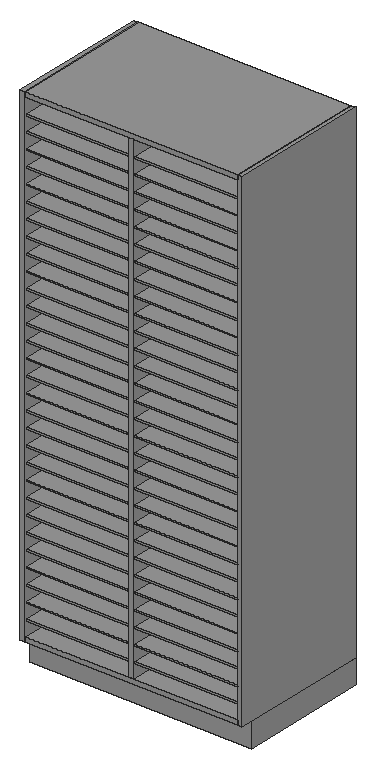
Revit family "TMI_T1810-Tall_Open_Folio1", category Casework, Revit 2016
Family settings
  OmniClass Number = 23.40.35.14.11
  OmniClass Title = Modular Casework
  Work Plane-Based = No
  Always vertical = Yes
  Cut with Voids When Loaded = No
  Shared = No
  Room Calculation Point = No
Parameters (values of type "36" x 84" x 23"")
  Verticle Partition [instance] = Width > 11"  # yes
  URL = "www.tmisystems.com"
  Toe Kick Height = 4"
  Toe Kick Depth = 2"
  Shelf Thickness = 3/4"
  Model = "T1810"
  Manufacturer = "TMI Systems Corporation"
  Interior Finish = none
  Filler Width (Left) [instance] = 3"
  Filler Right [instance] = no
  Filler Left [instance] = no
  Filler Width (Right) [instance] = 3"
  Description = "Tall, Open, Folio Storage"
  Depth = 23"
  Height = 84"
  Width = 36"
  Casework Thickness = 3/4"
  Casework Back Thickness = 1/4"
  Cabinet Finish = Plastic Laminate
  Assembly Code = ""
Types (6): name | Width
  24" x 84" x 23" | 24"
  21" x 84" x 23" | 21"
  27" x 84" x 23" | 27"
  30" x 84" x 23" | 30"
  33" x 84" x 23" | 33"
  36" x 84" x 23" | 36"
Reference planes (in)
  plane 1 "Back": y = -1
  plane 2: z = 0
  plane 3 "Center (Left/Right)": x = 0.7377
  plane 4 "Left": x = -17.2623
  plane 5 "Right": x = 18.7377
  plane 6 "Front": y = -24
  plane 7 "Top": z = 84
  plane 8: y = -2
  plane 9: x = -16.5123
  plane 10: x = 17.9877
  plane 11: z = 83.25
  plane 12: y = -1.75
  plane 13: y = -22
  plane 14: z = 4
  plane 15: z = 4.75
  plane 16: z = 79.25
  plane 17: x = 0.3627
  plane 18: x = 1.1127
  plane 19: y = -23.875
  plane 20: z = 8.75
  plane 21: y = -21.25
  plane 22: y = -23.25
Forms (in)
  Extrusion 1, solid, material "Plastic Laminate" <- "Cabinet Finish"
    sketch origin (0, 0.21844, 0) x (1, 0, 0) y (0, 1, 0)
      loop
        line (-17.2623, -1.21844) -> (-17.2623, -24.21844) -> (-16.5123, -24.21844) -> (-16.5123, -1.21844) -> (-17.2623, -1.21844)
      loop
        line (17.9877, -1.21844) -> (17.9877, -24.21844) -> (18.7377, -24.21844) -> (18.7377, -1.21844) -> (17.9877, -1.21844)
    from 4 to 84
  Extrusion 2, solid, material "Plastic Laminate" <- "Cabinet Finish"
    sketch origin (0.05747, 11.94613, 0) x (1, 0, 0) y (0, 0, 1)
      loop
        line (-16.56976, 4.75) -> (-16.56976, 4) -> (17.93024, 4) -> (17.93024, 4.75) -> (-16.56976, 4.75)
      loop
        line (-16.56976, 84) -> (-16.56976, 83.25) -> (17.93024, 83.25) -> (17.93024, 84) -> (-16.56976, 84)
    from 12.94613 to 35.94613
  Extrusion 3, solid, material "Plastic Laminate" <- "Cabinet Finish"
    sketch origin (0, 0, 0) x (1, 0, 0) y (0, 1, 0)
      loop
        line (-16.5123, -1.75) -> (-16.5123, -2) -> (17.9877, -2) -> (17.9877, -1.75) -> (-16.5123, -1.75)
    from 83.63348 to 4.36517
  Extrusion 4, solid, material "Plastic Laminate" <- "Cabinet Finish", visible <- "Filler Right"
    sketch origin (0, -24, 0) x (1, 0, 0) y (0, 0, 1)
      loop
        line (18.7377, 84) -> (18.7377, 4) -> (21.7377, 4) -> (21.7377, 84) -> (18.7377, 84)
    from -0.75 to 0
  Extrusion 5, solid, material "Plastic Laminate" <- "Cabinet Finish", visible <- "Filler Left"
    sketch origin (0, -24, 0) x (1, 0, 0) y (0, 0, 1)
      loop
        line (-20.2623, 84) -> (-20.2623, 4) -> (-17.2623, 4) -> (-17.2623, 84) -> (-20.2623, 84)
    from -0.75 to 0
  Extrusion 6, solid, material "Wood"
    sketch origin (-17.2623, 0, 0) x (0, -1, 0) y (0, 0, 1)
      loop
        line (1, 83.25) -> (1, 79.25) -> (1.75, 79.25) -> (1.75, 83.25) -> (1, 83.25)
      loop
        line (1, 8.75) -> (1, 4.75) -> (1.75, 4.75) -> (1.75, 8.75) -> (1, 8.75)
    from -35.25 to -0.75
  Extrusion 7, solid, material "Wood"
    sketch origin (0, 0, 0) x (1, 0, 0) y (0, 0, 1)
      loop
        line (18.7377, 4) -> (-17.2623, 4) -> (-17.2623, 0) -> (18.7377, 0) -> (18.7377, 4)
    from 1 to 22
  Extrusion 8, solid, material "Wood", visible <- "Filler Right"
    sketch origin (0, 0, 0) x (1, 0, 0) y (0, 0, 1)
      loop
        line (21.7377, 4) -> (18.7377, 4) -> (18.7377, 0) -> (21.7377, 0) -> (21.7377, 4)
    from 21.25 to 22
  Extrusion 9, solid, material "Wood", visible <- "Filler Left"
    sketch origin (0, 0, 0) x (1, 0, 0) y (0, 0, 1)
      loop
        line (-17.2623, 4) -> (-20.2623, 4) -> (-20.2623, 0) -> (-17.2623, 0) -> (-17.2623, 4)
    from 21.25 to 22
  Extrusion 10, solid, material "Plastic Laminate" <- "Cabinet Finish", visible <- "Verticle Partition"
    sketch origin (0, -24, 0) x (1, 0, 0) y (0, 0, 1)
      loop
        line (0.3627, 83.25) -> (0.3627, 4.75) -> (1.1127, 4.75) -> (1.1127, 83.25) -> (0.3627, 83.25)
    from -22 to 0
  Extrusion 11, solid, material "Plastic Laminate" <- "Cabinet Finish"
    sketch origin (0, -24, 0) x (1, 0, 0) y (0, 0, 1)
      loop
        line (-16.5123, 80.71774) -> (-16.5123, 80.46774) -> (17.9877, 80.46774) -> (17.9877, 80.71774) -> (-16.5123, 80.71774)
      loop
        line (-16.5123, 78.18548) -> (-16.5123, 77.93548) -> (17.9877, 77.93548) -> (17.9877, 78.18548) -> (-16.5123, 78.18548)
      loop
        line (-16.5123, 75.65323) -> (-16.5123, 75.40323) -> (17.9877, 75.40323) -> (17.9877, 75.65323) -> (-16.5123, 75.65323)
      loop
        line (-16.5123, 73.12097) -> (-16.5123, 72.87097) -> (17.9877, 72.87097) -> (17.9877, 73.12097) -> (-16.5123, 73.12097)
      loop
        line (-16.5123, 70.58871) -> (-16.5123, 70.33871) -> (17.9877, 70.33871) -> (17.9877, 70.58871) -> (-16.5123, 70.58871)
      loop
        line (-16.5123, 68.05645) -> (-16.5123, 67.80645) -> (17.9877, 67.80645) -> (17.9877, 68.05645) -> (-16.5123, 68.05645)
      loop
        line (-16.5123, 65.52419) -> (-16.5123, 65.27419) -> (17.9877, 65.27419) -> (17.9877, 65.52419) -> (-16.5123, 65.52419)
      loop
        line (-16.5123, 62.99194) -> (-16.5123, 62.74194) -> (17.9877, 62.74194) -> (17.9877, 62.99194) -> (-16.5123, 62.99194)
      loop
        line (-16.5123, 60.45968) -> (-16.5123, 60.20968) -> (17.9877, 60.20968) -> (17.9877, 60.45968) -> (-16.5123, 60.45968)
      loop
        line (-16.5123, 57.92742) -> (-16.5123, 57.67742) -> (17.9877, 57.67742) -> (17.9877, 57.92742) -> (-16.5123, 57.92742)
      loop
        line (-16.5123, 55.39516) -> (-16.5123, 55.14516) -> (17.9877, 55.14516) -> (17.9877, 55.39516) -> (-16.5123, 55.39516)
      loop
        line (-16.5123, 52.8629) -> (-16.5123, 52.6129) -> (17.9877, 52.6129) -> (17.9877, 52.8629) -> (-16.5123, 52.8629)
      loop
        line (-16.5123, 50.33065) -> (-16.5123, 50.08065) -> (17.9877, 50.08065) -> (17.9877, 50.33065) -> (-16.5123, 50.33065)
      loop
        line (-16.5123, 47.79839) -> (-16.5123, 47.54839) -> (17.9877, 47.54839) -> (17.9877, 47.79839) -> (-16.5123, 47.79839)
      loop
        line (-16.5123, 45.26613) -> (-16.5123, 45.01613) -> (17.9877, 45.01613) -> (17.9877, 45.26613) -> (-16.5123, 45.26613)
      loop
        line (-16.5123, 42.73387) -> (-16.5123, 42.48387) -> (17.9877, 42.48387) -> (17.9877, 42.73387) -> (-16.5123, 42.73387)
      loop
        line (-16.5123, 40.20161) -> (-16.5123, 39.95161) -> (17.9877, 39.95161) -> (17.9877, 40.20161) -> (-16.5123, 40.20161)
      loop
        line (-16.5123, 37.66935) -> (-16.5123, 37.41935) -> (17.9877, 37.41935) -> (17.9877, 37.66935) -> (-16.5123, 37.66935)
      loop
        line (-16.5123, 35.1371) -> (-16.5123, 34.8871) -> (17.9877, 34.8871) -> (17.9877, 35.1371) -> (-16.5123, 35.1371)
      loop
        line (-16.5123, 32.60484) -> (-16.5123, 32.35484) -> (17.9877, 32.35484) -> (17.9877, 32.60484) -> (-16.5123, 32.60484)
      loop
        line (-16.5123, 30.07258) -> (-16.5123, 29.82258) -> (17.9877, 29.82258) -> (17.9877, 30.07258) -> (-16.5123, 30.07258)
      loop
        line (-16.5123, 27.54032) -> (-16.5123, 27.29032) -> (17.9877, 27.29032) -> (17.9877, 27.54032) -> (-16.5123, 27.54032)
      loop
        line (-16.5123, 25.00806) -> (-16.5123, 24.75806) -> (17.9877, 24.75806) -> (17.9877, 25.00806) -> (-16.5123, 25.00806)
      loop
        line (-16.5123, 22.47581) -> (-16.5123, 22.22581) -> (17.9877, 22.22581) -> (17.9877, 22.47581) -> (-16.5123, 22.47581)
      loop
        line (-16.5123, 19.94355) -> (-16.5123, 19.69355) -> (17.9877, 19.69355) -> (17.9877, 19.94355) -> (-16.5123, 19.94355)
      loop
        line (-16.5123, 17.41129) -> (-16.5123, 17.16129) -> (17.9877, 17.16129) -> (17.9877, 17.41129) -> (-16.5123, 17.41129)
      loop
        line (-16.5123, 14.87903) -> (-16.5123, 14.62903) -> (17.9877, 14.62903) -> (17.9877, 14.87903) -> (-16.5123, 14.87903)
      loop
        line (-16.5123, 12.34677) -> (-16.5123, 12.09677) -> (17.9877, 12.09677) -> (17.9877, 12.34677) -> (-16.5123, 12.34677)
      loop
        line (-16.5123, 9.81452) -> (-16.5123, 9.56452) -> (17.9877, 9.56452) -> (17.9877, 9.81452) -> (-16.5123, 9.81452)
      loop
        line (-16.5123, 7.28226) -> (-16.5123, 7.03226) -> (17.9877, 7.03226) -> (17.9877, 7.28226) -> (-16.5123, 7.28226)
    from -22 to -0.125
Lines and regions (in)
  Masking region 1
    outline origin (0, 0, 0) x (1, 0, 0) y (0, 1, 0)
      loop
        line (-17.2623, -1) -> (-17.2623, -24) -> (18.7377, -24) -> (18.7377, -1) -> (-17.2623, -1)
  Masking region 2, visible <- "Filler Left"
    outline origin (0, 0, 0) x (1, 0, 0) y (0, 1, 0)
      loop
        line (-20.2623, -23.25) -> (-20.2623, -24) -> (-17.2623, -24) -> (-17.2623, -23.25) -> (-20.2623, -23.25)
  Masking region 3, visible <- "Filler Right"
    outline origin (0, 0, 0) x (1, 0, 0) y (0, 1, 0)
      loop
        line (18.7377, -23.25) -> (18.7377, -24) -> (21.7377, -24) -> (21.7377, -23.25) -> (18.7377, -23.25)
  symbolic lines, style "CaseworkHiddenLines"
    curve 1: line (0.8002, -24, 0) -> (0.6752, -24, 0)
    curve 2: line (0.6752, -24, 4) -> (0.8002, -24, 4)
    curve 13: line (-17.2623, -2, 80.71774) -> (-17.2623, -23.875, 80.71774)
    curve 14: line (-17.2623, -23.875, 80.71774) -> (-17.2623, -23.875, 80.46774)
    curve 15: line (-17.2623, -23.875, 80.46774) -> (-17.2623, -2, 80.46774)
    curve 16: line (-17.2623, -2, 78.18548) -> (-17.2623, -23.875, 78.18548)
    curve 17: line (-17.2623, -23.875, 78.18548) -> (-17.2623, -23.875, 77.93548)
    curve 18: line (-17.2623, -23.875, 77.93548) -> (-17.2623, -2, 77.93548)
    curve 19: line (-17.2623, -2, 75.65323) -> (-17.2623, -23.875, 75.65323)
    curve 20: line (-17.2623, -23.875, 75.65323) -> (-17.2623, -23.875, 75.40323)
    curve 21: line (-17.2623, -23.875, 75.40323) -> (-17.2623, -2, 75.40323)
    curve 22: line (-17.2623, -2, 73.12097) -> (-17.2623, -23.875, 73.12097)
    curve 23: line (-17.2623, -23.875, 73.12097) -> (-17.2623, -23.875, 72.87097)
    curve 24: line (-17.2623, -23.875, 72.87097) -> (-17.2623, -2, 72.87097)
    curve 25: line (-17.2623, -2, 70.58871) -> (-17.2623, -23.875, 70.58871)
    curve 26: line (-17.2623, -23.875, 70.58871) -> (-17.2623, -23.875, 70.33871)
    curve 27: line (-17.2623, -23.875, 70.33871) -> (-17.2623, -2, 70.33871)
    curve 28: line (-17.2623, -2, 68.05645) -> (-17.2623, -23.875, 68.05645)
    curve 29: line (-17.2623, -23.875, 68.05645) -> (-17.2623, -23.875, 67.80645)
    curve 30: line (-17.2623, -23.875, 67.80645) -> (-17.2623, -2, 67.80645)
    curve 31: line (-17.2623, -2, 65.52419) -> (-17.2623, -23.875, 65.52419)
    curve 32: line (-17.2623, -23.875, 65.52419) -> (-17.2623, -23.875, 65.27419)
    curve 33: line (-17.2623, -23.875, 65.27419) -> (-17.2623, -2, 65.27419)
    curve 34: line (-17.2623, -2, 62.99194) -> (-17.2623, -23.875, 62.99194)
    curve 35: line (-17.2623, -23.875, 62.99194) -> (-17.2623, -23.875, 62.74194)
    curve 36: line (-17.2623, -23.875, 62.74194) -> (-17.2623, -2, 62.74194)
    curve 37: line (-17.2623, -2, 60.45968) -> (-17.2623, -23.875, 60.45968)
    curve 38: line (-17.2623, -23.875, 60.45968) -> (-17.2623, -23.875, 60.20968)
    curve 39: line (-17.2623, -23.875, 60.20968) -> (-17.2623, -2, 60.20968)
    curve 40: line (-17.2623, -2, 57.92742) -> (-17.2623, -23.875, 57.92742)
    curve 41: line (-17.2623, -23.875, 57.92742) -> (-17.2623, -23.875, 57.67742)
    curve 42: line (-17.2623, -23.875, 57.67742) -> (-17.2623, -2, 57.67742)
    curve 43: line (-17.2623, -2, 55.39516) -> (-17.2623, -23.875, 55.39516)
    curve 44: line (-17.2623, -23.875, 55.39516) -> (-17.2623, -23.875, 55.14516)
    curve 45: line (-17.2623, -23.875, 55.14516) -> (-17.2623, -2, 55.14516)
    curve 46: line (-17.2623, -2, 52.8629) -> (-17.2623, -23.875, 52.8629)
    curve 47: line (-17.2623, -23.875, 52.8629) -> (-17.2623, -23.875, 52.6129)
    curve 48: line (-17.2623, -23.875, 52.6129) -> (-17.2623, -2, 52.6129)
    curve 49: line (-17.2623, -2, 50.33065) -> (-17.2623, -23.875, 50.33065)
    curve 50: line (-17.2623, -23.875, 50.33065) -> (-17.2623, -23.875, 50.08065)
    curve 51: line (-17.2623, -23.875, 50.08065) -> (-17.2623, -2, 50.08065)
    curve 52: line (-17.2623, -2, 47.79839) -> (-17.2623, -23.875, 47.79839)
    curve 53: line (-17.2623, -23.875, 47.79839) -> (-17.2623, -23.875, 47.54839)
    curve 54: line (-17.2623, -23.875, 47.54839) -> (-17.2623, -2, 47.54839)
    curve 55: line (-17.2623, -2, 45.26613) -> (-17.2623, -23.875, 45.26613)
    curve 56: line (-17.2623, -23.875, 45.26613) -> (-17.2623, -23.875, 45.01613)
    curve 57: line (-17.2623, -23.875, 45.01613) -> (-17.2623, -2, 45.01613)
    curve 58: line (-17.2623, -2, 42.73387) -> (-17.2623, -23.875, 42.73387)
    curve 59: line (-17.2623, -23.875, 42.73387) -> (-17.2623, -23.875, 42.48387)
    curve 60: line (-17.2623, -23.875, 42.48387) -> (-17.2623, -2, 42.48387)
    curve 61: line (-17.2623, -2, 40.20161) -> (-17.2623, -23.875, 40.20161)
    curve 62: line (-17.2623, -23.875, 40.20161) -> (-17.2623, -23.875, 39.95161)
    curve 63: line (-17.2623, -23.875, 39.95161) -> (-17.2623, -2, 39.95161)
    curve 64: line (-17.2623, -2, 37.66935) -> (-17.2623, -23.875, 37.66935)
    curve 65: line (-17.2623, -23.875, 37.66935) -> (-17.2623, -23.875, 37.41935)
    curve 66: line (-17.2623, -23.875, 37.41935) -> (-17.2623, -1.75, 37.41935)
    curve 67: line (-17.2623, -2, 35.1371) -> (-17.2623, -23.875, 35.1371)
    curve 68: line (-17.2623, -23.875, 35.1371) -> (-17.2623, -23.875, 34.8871)
    curve 69: line (-17.2623, -23.875, 34.8871) -> (-17.2623, -2, 34.8871)
    curve 70: line (-17.2623, -2, 32.60484) -> (-17.2623, -23.875, 32.60484)
    curve 71: line (-17.2623, -23.875, 32.60484) -> (-17.2623, -23.875, 32.35484)
    curve 72: line (-17.2623, -23.875, 32.35484) -> (-17.2623, -2, 32.35484)
    curve 73: line (-17.2623, -2, 30.07258) -> (-17.2623, -23.875, 30.07258)
    curve 74: line (-17.2623, -23.875, 30.07258) -> (-17.2623, -23.875, 29.82258)
    curve 75: line (-17.2623, -23.875, 29.82258) -> (-17.2623, -2, 29.82258)
    curve 76: line (-17.2623, -2, 27.54032) -> (-17.2623, -23.875, 27.54032)
    curve 77: line (-17.2623, -23.875, 27.54032) -> (-17.2623, -23.875, 27.29032)
    curve 78: line (-17.2623, -23.875, 27.29032) -> (-17.2623, -2, 27.29032)
    curve 79: line (-17.2623, -2, 25.00806) -> (-17.2623, -23.875, 25.00806)
    curve 80: line (-17.2623, -23.875, 25.00806) -> (-17.2623, -23.875, 24.75806)
    curve 81: line (-17.2623, -23.875, 24.75806) -> (-17.2623, -2, 24.75806)
    curve 82: line (-17.2623, -2, 22.47581) -> (-17.2623, -23.875, 22.47581)
    curve 83: line (-17.2623, -23.875, 22.47581) -> (-17.2623, -23.875, 22.22581)
    curve 84: line (-17.2623, -23.875, 22.22581) -> (-17.2623, -2, 22.22581)
    curve 85: line (-17.2623, -2, 19.94355) -> (-17.2623, -23.875, 19.94355)
    curve 86: line (-17.2623, -23.875, 19.94355) -> (-17.2623, -23.875, 19.69355)
    curve 87: line (-17.2623, -23.875, 19.69355) -> (-17.2623, -2, 19.69355)
    curve 88: line (-17.2623, -2, 17.41129) -> (-17.2623, -23.875, 17.41129)
    curve 89: line (-17.2623, -23.875, 17.41129) -> (-17.2623, -23.875, 17.16129)
    curve 90: line (-17.2623, -23.875, 17.16129) -> (-17.2623, -2, 17.16129)
    curve 91: line (-17.2623, -2, 14.87903) -> (-17.2623, -23.875, 14.87903)
    curve 92: line (-17.2623, -23.875, 14.87903) -> (-17.2623, -23.875, 14.62903)
    curve 93: line (-17.2623, -23.875, 14.62903) -> (-17.2623, -2, 14.62903)
    curve 94: line (-17.2623, -2, 12.34677) -> (-17.2623, -23.875, 12.34677)
    curve 95: line (-17.2623, -23.875, 12.34677) -> (-17.2623, -23.875, 12.09677)
    curve 96: line (-17.2623, -23.875, 12.09677) -> (-17.2623, -2, 12.09677)
    curve 97: line (-17.2623, -2, 9.81452) -> (-17.2623, -23.875, 9.81452)
    curve 98: line (-17.2623, -23.875, 9.81452) -> (-17.2623, -23.875, 9.56452)
    curve 99: line (-17.2623, -23.875, 9.56452) -> (-17.2623, -2, 9.56452)
    curve 100: line (-17.2623, -2, 7.28226) -> (-17.2623, -23.875, 7.28226)
    curve 101: line (-17.2623, -23.875, 7.28226) -> (-17.2623, -23.875, 7.03226)
    curve 102: line (-17.2623, -23.875, 7.03226) -> (-17.2623, -2, 7.03226)
  symbolic lines, style "Casework"
    curve 3: line (-17.2623, -1, 4.75) -> (-17.2623, -1.75, 4.75)
    curve 4: line (-17.2623, -1, 4) -> (-17.2623, -1, 4.75)
    curve 5: line (-17.2623, -24, 4) -> (-17.2623, -1, 4)
    curve 6: line (-17.2623, -24, 4.75) -> (-17.2623, -24, 4)
    curve 7: line (-17.2623, -1, 84) -> (-17.2623, -24, 84)
    curve 8: line (-17.2623, -1, 83.25) -> (-17.2623, -1, 84)
    curve 9: line (-17.2623, -24, 83.25) -> (-17.2623, -2, 83.25)
    curve 10: line (-17.2623, -24, 84) -> (-17.2623, -24, 83.25)
    curve 11: line (-17.2623, -1.75, 83.25) -> (-17.2623, -1, 83.25)
    curve 12: line (-17.2623, -2, 4.75) -> (-17.2623, -24, 4.75)
Dimensions and locks (in)
  "Width": plane 4 "Left" to plane 5 "Right"
  equal spacing: plane 4 "Left", plane 3 "Center (Left/Right)", plane 5 "Right"
  "Casework Thickness": plane 4 "Left" to plane 9
  "Casework Thickness": plane 10 to plane 5 "Right"
  "Casework Thickness": plane 7 "Top" to plane 11
  "Filler Width (Right)": plane 5 "Right" to Extrusion 4
  "Filler Width (Left)": Extrusion 5 to plane 4 "Left"
  "Depth": plane 6 "Front" to plane 1 "Back"
  "Casework Back Thickness": plane 12 to plane 8
  locked: plane 12 to plane 1 "Back" at 0.75
  "Toe Kick Depth": plane 13 to plane 6 "Front"
  "Toe Kick Height": plane 14 to level
  "Casework Thickness": plane 15 to plane 14
  "Height": plane 7 "Top" to level
  locked: plane 16 to plane 11 at 4
  locked: plane 15 to Extrusion 3 at 0.38483
  locked: plane 11 to Extrusion 3 at 0.38348
  "Casework Thickness": plane 17 to plane 18
  equal spacing: plane 18, plane 3 "Center (Left/Right)", plane 17
  locked: Extrusion 11 sketch curve to Extrusion 11 sketch curve at 0.25  (x30)
  equal spacing: plane 11, Extrusion 11 sketch curve, Extrusion 11 sketch curve, Extrusion 11 sketch curve, Extrusion 11 sketch curve, Extrusion 11 sketch curve, Extrusion 11 sketch curve, Extrusion 11 sketch curve, Extrusion 11 sketch curve, Extrusion 11 sketch curve, Extrusion 11 sketch curve, Extrusion 11 sketch curve, Extrusion 11 sketch curve, Extrusion 11 sketch curve, Extrusion 11 sketch curve, Extrusion 11 sketch curve, Extrusion 11 sketch curve, Extrusion 11 sketch curve, Extrusion 11 sketch curve, Extrusion 11 sketch curve, Extrusion 11 sketch curve, Extrusion 11 sketch curve, Extrusion 11 sketch curve, Extrusion 11 sketch curve, Extrusion 11 sketch curve, Extrusion 11 sketch curve, Extrusion 11 sketch curve, Extrusion 11 sketch curve, Extrusion 11 sketch curve, Extrusion 11 sketch curve, Extrusion 11 sketch curve, plane 15
  locked: plane 15 to plane 20 at 4
  locked: plane 6 "Front" to plane 19 at 0.125
  locked: plane 6 "Front" to plane 22 at 0.75
  locked: plane 21 to plane 13 at 0.75
  aligned and locked: plane 2 to level
  aligned and locked: Extrusion 1 sketch curve to plane 4 "Left"
  aligned and locked: Extrusion 1 sketch curve to plane 9
  aligned and locked: Extrusion 1 sketch curve to plane 10
  aligned and locked: plane 5 "Right" to Extrusion 1 sketch curve
  aligned and locked: plane 7 "Top" to Extrusion 2 sketch curve
  aligned and locked: Extrusion 2 sketch curve to plane 11
  aligned and locked: Extrusion 1 to plane 1 "Back"  (x2)
  aligned and locked: plane 10 to Extrusion 3 sketch curve
  aligned and locked: plane 9 to Extrusion 3 sketch curve
  aligned and locked: Extrusion 3 sketch curve to plane 8
  aligned and locked: Extrusion 1 to plane 7 "Top"
  aligned and locked: plane 7 "Top" to Extrusion 4 sketch curve
  aligned and locked: Extrusion 4 sketch curve to plane 5 "Right"
  aligned and locked: plane 7 "Top" to Extrusion 5 sketch curve
  aligned and locked: Extrusion 3 to plane 12
  aligned and locked: plane 12 to Extrusion 6 sketch curve  (x2)
  aligned and locked: plane 1 "Back" to Extrusion 6 sketch curve  (x2)
  aligned and locked: plane 11 to Extrusion 6 sketch curve
  aligned and locked: Extrusion 6 to plane 9
  aligned and locked: Extrusion 6 to plane 10
  aligned and locked: Extrusion 8 to Extrusion 7
  aligned and locked: Extrusion 9 to Extrusion 7
  aligned and locked: plane 14 to Extrusion 9
  aligned and locked: plane 14 to Extrusion 7
  aligned and locked: plane 14 to Extrusion 8
  aligned and locked: Extrusion 4 to plane 14
  aligned and locked: Extrusion 5 to plane 14
  aligned and locked: Extrusion 1 to plane 14
  aligned and locked: Extrusion 2 to plane 14
  aligned and locked: plane 15 to Extrusion 2
  aligned and locked: plane 16 to Extrusion 6
  aligned and locked: Extrusion 1 to Extrusion 2
  aligned and locked: Extrusion 7 to Extrusion 1
  aligned and locked: Extrusion 6 to plane 15
  aligned and locked: Masking region 1 sketch curve to plane 4 "Left"
  aligned and locked: plane 1 "Back" to Masking region 1 sketch curve
  aligned and locked: plane 5 "Right" to Masking region 1 sketch curve
  aligned and locked: plane 1 "Back" to curve 8
  aligned and locked: plane 7 "Top" to curve 7
  aligned and locked: curve 11 to Extrusion 6
  aligned and locked: curve 3 to plane 15
  aligned and locked: plane 14 to curve 5
  aligned and locked: curve 9 to plane 11
  aligned and locked: Extrusion 9 to plane 13
  aligned and locked: plane 11 to Extrusion 10 sketch curve
  aligned and locked: plane 15 to Extrusion 10 sketch curve
  aligned and locked: plane 17 to Extrusion 10 sketch curve
  aligned and locked: plane 18 to Extrusion 10 sketch curve
  aligned and locked: plane 8 to Extrusion 10
  aligned and locked: plane 9 to Extrusion 11 sketch curve  (x2)
  aligned and locked: Extrusion 11 sketch curve to plane 10  (x2)
  aligned and locked: Extrusion 11 to plane 8
  aligned and locked: Extrusion 11 to plane 19
  aligned and locked: plane 4 "Left" to Masking region 2 sketch curve
  aligned and locked: Masking region 3 sketch curve to plane 5 "Right"
  aligned and locked: plane 20 to Extrusion 6
  aligned and locked: plane 6 "Front" to Extrusion 4
  aligned and locked: plane 6 "Front" to Extrusion 5
  aligned and locked: plane 6 "Front" to Extrusion 1  (x2)
  aligned and locked: plane 6 "Front" to Extrusion 10
  aligned and locked: plane 6 "Front" to Extrusion 2
  aligned and locked: plane 6 "Front" to Masking region 1
  aligned and locked: curve 15 to Extrusion 11
  aligned and locked: curve 13 to Extrusion 11
  aligned and locked: curve 18 to Extrusion 11
  aligned and locked: curve 16 to Extrusion 11
  aligned and locked: curve 21 to Extrusion 11
  aligned and locked: curve 19 to Extrusion 11
  aligned and locked: curve 24 to Extrusion 11
  aligned and locked: curve 22 to Extrusion 11
  aligned and locked: curve 27 to Extrusion 11
  aligned and locked: curve 25 to Extrusion 11
  aligned and locked: curve 30 to Extrusion 11
  aligned and locked: curve 28 to Extrusion 11
  aligned and locked: curve 33 to Extrusion 11
  aligned and locked: curve 31 to Extrusion 11
  aligned and locked: curve 36 to Extrusion 11
  aligned and locked: curve 34 to Extrusion 11
  aligned and locked: curve 39 to Extrusion 11
  aligned and locked: curve 37 to Extrusion 11
  aligned and locked: curve 42 to Extrusion 11
  aligned and locked: curve 40 to Extrusion 11
  aligned and locked: curve 45 to Extrusion 11
  aligned and locked: curve 43 to Extrusion 11
  aligned and locked: curve 48 to Extrusion 11
  aligned and locked: curve 46 to Extrusion 11
  aligned and locked: curve 51 to Extrusion 11
  aligned and locked: curve 49 to Extrusion 11
  aligned and locked: curve 54 to Extrusion 11
  aligned and locked: curve 52 to Extrusion 11
  aligned and locked: curve 57 to Extrusion 11
  aligned and locked: curve 55 to Extrusion 11
  aligned and locked: curve 60 to Extrusion 11
  aligned and locked: curve 58 to Extrusion 11
  aligned and locked: curve 63 to Extrusion 11
  aligned and locked: curve 61 to Extrusion 11
  aligned and locked: curve 64 to Extrusion 11
  aligned and locked: curve 66 to Extrusion 11
  aligned and locked: curve 67 to Extrusion 11
  aligned and locked: curve 69 to Extrusion 11
  aligned and locked: curve 70 to Extrusion 11
  aligned and locked: curve 72 to Extrusion 11
  aligned and locked: curve 73 to Extrusion 11
  aligned and locked: curve 75 to Extrusion 11
  aligned and locked: curve 76 to Extrusion 11
  aligned and locked: curve 78 to Extrusion 11
  aligned and locked: curve 79 to Extrusion 11
  aligned and locked: curve 81 to Extrusion 11
  aligned and locked: curve 82 to Extrusion 11
  aligned and locked: curve 84 to Extrusion 11
  aligned and locked: curve 85 to Extrusion 11
  aligned and locked: curve 87 to Extrusion 11
  aligned and locked: curve 88 to Extrusion 11
  aligned and locked: curve 90 to Extrusion 11
  aligned and locked: curve 91 to Extrusion 11
  aligned and locked: curve 93 to Extrusion 11
  aligned and locked: curve 94 to Extrusion 11
  aligned and locked: curve 96 to Extrusion 11
  aligned and locked: curve 97 to Extrusion 11
  aligned and locked: curve 99 to Extrusion 11
  aligned and locked: curve 100 to Extrusion 11
  aligned and locked: curve 102 to Extrusion 11
  aligned and locked: plane 8 to curve 13
  aligned and locked: plane 8 to curve 15
  aligned and locked: plane 8 to curve 16
  aligned and locked: plane 8 to curve 18
  aligned and locked: plane 8 to curve 19
  aligned and locked: plane 8 to curve 21
  aligned and locked: plane 8 to curve 22
  aligned and locked: plane 8 to curve 24
  aligned and locked: plane 8 to curve 25
  aligned and locked: plane 8 to curve 27
  aligned and locked: plane 8 to curve 28
  aligned and locked: plane 8 to curve 30
  aligned and locked: plane 8 to curve 31
  aligned and locked: plane 8 to curve 33
  aligned and locked: plane 8 to curve 36
  aligned and locked: plane 8 to curve 34
  aligned and locked: plane 8 to curve 39
  aligned and locked: plane 8 to curve 37
  aligned and locked: plane 8 to curve 42
  aligned and locked: plane 8 to curve 40
  aligned and locked: plane 8 to curve 45
  aligned and locked: plane 8 to curve 43
  aligned and locked: plane 8 to curve 48
  aligned and locked: plane 8 to curve 46
  aligned and locked: plane 8 to curve 51
  aligned and locked: plane 8 to curve 49
  aligned and locked: plane 8 to curve 54
  aligned and locked: plane 8 to curve 52
  aligned and locked: plane 8 to curve 57
  aligned and locked: plane 8 to curve 55
  aligned and locked: plane 8 to curve 60
  aligned and locked: plane 8 to curve 58
  aligned and locked: plane 8 to curve 63
  aligned and locked: plane 8 to curve 61
  aligned and locked: Extrusion 3 to curve 66
  aligned and locked: plane 8 to curve 64
  aligned and locked: plane 8 to curve 69
  aligned and locked: plane 8 to curve 67
  aligned and locked: plane 8 to curve 72
  aligned and locked: plane 8 to curve 70
  aligned and locked: plane 8 to curve 75
  aligned and locked: plane 8 to curve 73
  aligned and locked: plane 8 to curve 78
  aligned and locked: plane 8 to curve 76
  aligned and locked: plane 8 to curve 79
  aligned and locked: plane 8 to curve 81
  aligned and locked: plane 8 to curve 84
  aligned and locked: plane 8 to curve 82
  aligned and locked: plane 8 to curve 87
  aligned and locked: plane 8 to curve 85
  aligned and locked: plane 8 to curve 90
  aligned and locked: plane 8 to curve 88
  aligned and locked: plane 8 to curve 93
  aligned and locked: plane 8 to curve 91
  aligned and locked: plane 8 to curve 96
  aligned and locked: plane 8 to curve 94
  aligned and locked: plane 8 to curve 97
  aligned and locked: plane 8 to curve 99
  aligned and locked: plane 8 to curve 102
  aligned and locked: plane 8 to curve 100
  aligned and locked: plane 19 to curve 14
  aligned and locked: plane 19 to curve 17
  aligned and locked: plane 19 to curve 23
  aligned and locked: plane 19 to curve 26
  aligned and locked: plane 19 to curve 29
  aligned and locked: plane 19 to curve 32
  aligned and locked: plane 19 to curve 35
  aligned and locked: plane 19 to curve 20
  aligned and locked: plane 19 to curve 38
  aligned and locked: plane 19 to curve 41
  aligned and locked: plane 19 to curve 44
  aligned and locked: plane 19 to curve 47
  aligned and locked: plane 19 to curve 50
  aligned and locked: plane 19 to curve 53
  aligned and locked: plane 19 to curve 56
  aligned and locked: plane 19 to curve 59
  aligned and locked: plane 19 to curve 62
  aligned and locked: plane 19 to curve 68
  aligned and locked: plane 19 to curve 71
  aligned and locked: plane 19 to curve 74
  aligned and locked: plane 19 to curve 86
  aligned and locked: plane 19 to curve 83
  aligned and locked: plane 19 to curve 80
  aligned and locked: plane 19 to curve 77
  aligned and locked: plane 19 to curve 65
  aligned and locked: plane 19 to curve 89
  aligned and locked: plane 19 to curve 92
  aligned and locked: plane 19 to curve 95
  aligned and locked: plane 19 to curve 98
  aligned and locked: plane 19 to curve 101
  aligned and locked: Extrusion 4 to plane 22
  aligned and locked: Extrusion 5 to plane 22
  aligned and locked: plane 21 to Extrusion 9
  aligned and locked: plane 21 to Extrusion 8
  aligned and locked: Extrusion 9 to Extrusion 5
  aligned and locked: Masking region 2 to Extrusion 5
  aligned and locked: Masking region 2 to plane 22
  aligned and locked: Extrusion 4 to Extrusion 8
  aligned and locked: Masking region 3 to Extrusion 4
  aligned and locked: Masking region 3 to plane 22
Automatic sketch dimensions
  curve 1 to level = 0"
  curve 2 to plane 14 = 0"
  curve 1 to plane 3 "Center (Left/Right)" = 1/16"
  curve 2 to plane 3 "Center (Left/Right)" = 1/16"
  plane 3 "Center (Left/Right)" to curve 2 = 1/16"
  plane 3 "Center (Left/Right)" to curve 1 = 1/16"
  plane 6 "Front" to Extrusion 1 sketch curve = 0"  (x2)
  plane 1 "Back" to Extrusion 1 sketch curve = 0"  (x2)
  Extrusion 2 sketch curve to plane 9 = 0"  (x2)
  Extrusion 2 sketch curve to plane 10 = 0"
  plane 10 to Extrusion 2 sketch curve = 0"
  Extrusion 2 sketch curve to plane 14 = 0"
  Extrusion 2 sketch curve to plane 15 = 0"
  Extrusion 3 sketch curve to plane 12 = 0"
  Extrusion 4 sketch curve to plane 14 = 0"
  plane 4 "Left" to Extrusion 5 sketch curve = 0"
  Extrusion 5 sketch curve to plane 14 = 0"
  curve 3 to plane 1 "Back" = 0"
  curve 3 to plane 12 = 0"
  curve 11 to plane 12 = 0"
  curve 9 to plane 8 = 0"
  curve 12 to plane 8 = 0"
  curve 5 to plane 6 "Front" = 0"
  curve 10 to plane 6 "Front" = 0"
  curve 12 to plane 15 = 0"
  Extrusion 6 sketch curve to plane 15 = 0"
  Extrusion 6 sketch curve to plane 20 = 0"
  plane 16 to Extrusion 6 sketch curve = 0"
  plane 4 "Left" to Extrusion 7 sketch curve = 0"
  Extrusion 7 sketch curve to level = 0"
  plane 5 "Right" to Extrusion 7 sketch curve = 0"
  Extrusion 7 sketch curve to plane 14 = 0"
  plane 5 "Right" to Extrusion 8 sketch curve = 0"
  Extrusion 8 sketch curve to level = 0"
  Extrusion 8 sketch curve to plane 14 = 0"
  Extrusion 9 sketch curve to level = 0"
  plane 4 "Left" to Extrusion 9 sketch curve = 0"
  Extrusion 9 sketch curve to plane 14 = 0"
  plane 6 "Front" to Masking region 1 sketch curve = 0"
  Extrusion 11 sketch curve to plane 9 = 0"  (x28)
  Extrusion 11 sketch curve to plane 10 = 0"  (x14)
  plane 10 to Extrusion 11 sketch curve = 0"  (x14)
  plane 6 "Front" to Masking region 2 sketch curve = 0"
  plane 6 "Front" to Masking region 3 sketch curve = 0"
  plane 1 "Back" to Masking region 2 sketch curve = 22 1/4"
  plane 1 "Back" to Masking region 3 sketch curve = 22 1/4"
  Extrusion 5 sketch curve to Extrusion 5 sketch curve = 3"
  Extrusion 9 sketch curve to Extrusion 9 sketch curve = 3"
  plane 4 "Left" to Masking region 2 sketch curve = 3"
  Extrusion 4 sketch curve to plane 5 "Right" = 3"
  Extrusion 8 sketch curve to plane 5 "Right" = 3"
  Masking region 3 sketch curve to Masking region 3 sketch curve = 3"
